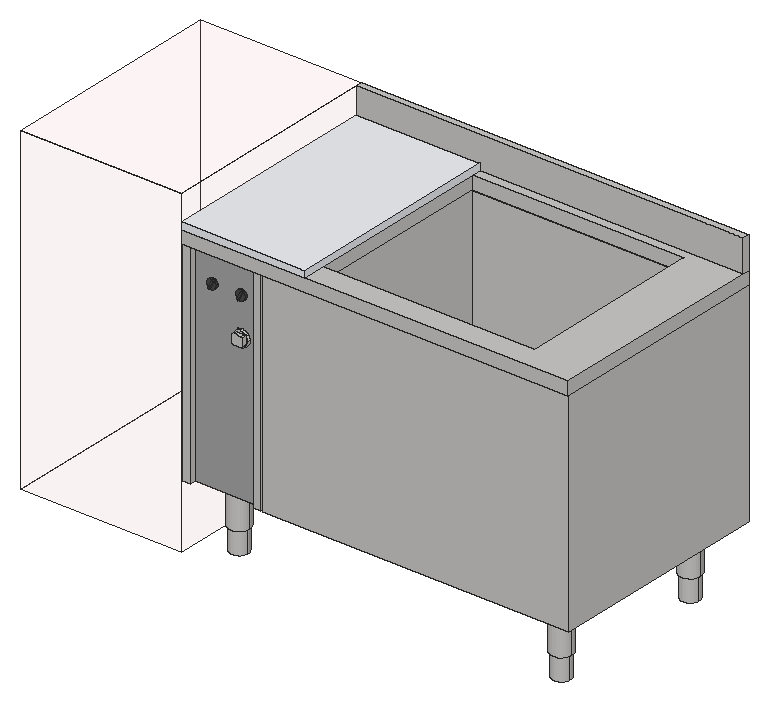
Revit family "QF_ELECTROLUXPROFESSIONAL_660031_LV200", category Attrezzature speciali, Revit 2020
Family settings
  Quota connettore circolare = Usa diametro
  Tipo di parte = Normale
  Basato su piano di lavoro = No
  Sempre verticale = Sì
  Taglio con vuoti quando caricato = No
  Condiviso = No
  Punto di calcolo locali = No
Parameters (values of type "Standard")
  Weight = 105.00 kg
  Watts = 1100 W
  Volts = 400 V
  URL Manufacturer = "https://www.electroluxprofessional.com/"
  URL = "https://www.electroluxprofessional.com/"
  Steam Supply Size = 0 mm
  Steam Supply Minimum Pressure = 0.0 Pa
  Steam Supply Maximum Pressure = 0.0 Pa
  Steam Consumption per Hour = 0
  Show Clearance [instance] = yes
  Refrigeration Suction Line Size = 0 mm
  Refrigeration Liquid Line Size = 0 mm
  Refrigerant Compressor Remote = yes
  Prospetto di default = 0 mm
  Produttore = "Electrolux Professional"
  Phase = 3
  Modello = "LV200"
  Length Actual = 1200 mm  # constant formula
  Item Number = "660031"
  Hot Water Size = 0 mm
  Height Actual = 850 mm  # constant formula
  HP = "1.5 HP"
  Gas Size = 0 mm
  Gas KW = 0
  Gas Input Pressure = 0 W
  Direct Waste Size = 50.8 mm
  Descrizione = "VEGETABLE WASHER WITH TANK-LOAD KG 8/30"
  Depth Actual = 700 mm  # constant formula
  Cycle = 50 Hz
  Condensate Return Size = 0 mm
  Compressed Air Volume = 0.0 L/s
  Compressed Air Size = 0 mm
  Compressed Air Pressure = 0.0 Pa
  Cold Water Size = 25.4 mm
  Accessory = yes
Reference planes
  plane 1 "Center (Front/Back)": y = 0
  plane 2: z = 0
  plane 3 "Center (Left/Right)": x = 0
  plane 4: x = 0
  plane 5: z = 200
  plane 6: y = -350
  plane 7: z = 1000
  plane 8 "FRONT": y = -700
  plane 9 "LEFT": x = -600
  plane 10 "RIGHT": x = 600
  plane 11: through (-490, -510, 4198) normal (-0.7071, -0.7071, 0)
  plane 12: through (-490, -490, 4198) normal (0.7071, -0.7071, 0)
  plane 13: x = -440
  plane 14: y = -390
  plane 15: x = -310
  plane 16: y = -100
Forms (mm)
  Extrusion 1, solid, material "QF_Finishes_Stainless Steel"
    sketch origin (0, 0, 0) x (1, 0, 0) y (0, 1, 0)
      loop
        line (-600, 0) -> (-600, -700) -> (600, -700) -> (600, 0) -> (-600, 0)
    from 860 to 900
  Extrusion 2, solid, material "QF_Finishes_Stainless Steel"
    sketch origin (400, 0, 0) x (1, 0, 0) y (0, 1, 0)
      loop
        line (-1000, 0) -> (-1000, -695) -> (-974.584, -695) -> (-974.584, -660) -> (-779, -660) -> (-779, -695) -> (-757.169, -695) -> (-757.169, -685) -> (-750.046, -685) -> (-750.046, -695) -> (200, -695) -> (200, 0) -> (-1000, 0)
    from 200 to 860
  Extrusion 3, solid, material "QF_Finishes_Gray"
    sketch origin (146.25, 220, 0) x (1, 0, 0) y (0, 1, 0)
      loop
        line (-718.75, -888.75) -> (-718.75, -898.75) -> (-525.25, -898.75) -> (-525.25, -888.75) -> (-718.75, -888.75)
    from 200 to 860
  Extrusion 4, void
    sketch origin (0, 0, 0) x (1, 0, 0) y (0, 1, 0)
      loop
        line (-217.526, -50) -> (-217.526, -630) -> (440, -630) -> (440, -50) -> (-217.526, -50)
    from 840 to 938.824
  Extrusion 5, void
    sketch origin (0, 0, -60) x (1, 0, 0) y (0, 1, 0)
      loop
        line (-217.526, -50) -> (-217.526, -630) -> (440, -630) -> (440, -50) -> (-217.526, -50)
    from 306.622 to 938.824
  Extrusion 6, solid, material "QF_Finishes_White"
    sketch origin (0, 0, 40) x (1, 0, 0) y (0, 1, 0)
      loop
        line (-600, -20) -> (-600, -700) -> (-217.526, -700) -> (-217.526, -20) -> (-600, -20)
    from 860 to 880
  Extrusion 7, solid, material "QF_Finishes_Stainless Steel"
    sketch origin (0, 0, 40) x (1, 0, 0) y (0, 1, 0)
      loop
        line (-600, 0) -> (-600, -20) -> (600, -20) -> (600, 0) -> (-600, 0)
    from 860 to 960
  Extrusion 8, solid, material "QF_Finishes_Clearance", visible <- "Show Clearance"
    sketch origin (0, 0, 0) x (1, 0, 0) y (0, 1, 0)
      loop
        line (-600, 0) -> (-1100, 0) -> (-1100, -700) -> (-600, -700) -> (-600, 0)
    from 0 to 1000
  Extrusion 9, solid, material "QF_Finishes_Stainless Steel"
    sketch origin (-117.596, -357.286, 198) x (1, 0, 0) y (0, 1, 0)
      loop
        line (-392.404, -132.714) -> (-392.404, -152.714) -> (-372.404, -152.714) -> (-372.404, -132.714) -> (-392.404, -132.714)
    from 0 to 2
  Extrusion 10, solid, material "QF_Finishes_Stainless Steel"
    sketch origin (-67.186, -249.308, 195) x (1, 0, 0) y (0, 1, 0)
      loop
        circle (-372.814, -140.692) r 8
    from 0 to 5
  Extrusion 11, solid, material "QF_Finishes_Stainless Steel"
    sketch origin (62.814, 40.692, 195) x (1, 0, 0) y (0, 1, 0)
      loop
        circle (-372.814, -140.692) r 8
    from 0 to 5
Cuts and joins
  Extrusion 4, Extrusion 5 cuts Extrusion 1
  Extrusion 5 cuts Extrusion 2
Dimensions and locks
  plane 7 to level = 1000 mm  (x2)
  plane 1 "Center (Front/Back)" to plane 8 "FRONT" = 700 mm
  level to plane 5 = 200 mm
  plane 9 "LEFT" to plane 10 "RIGHT" = 1200 mm
  plane 5 to level = 200 mm
  Extrusion 6 to plane 5 = 700 mm
  plane 1 "Center (Front/Back)" to nested 2 = 100 mm
  nested 2 to nested 3 = 500 mm
  nested 3 to plane 8 "FRONT" = 100 mm
  nested 3 to plane 9 "LEFT" = 100 mm
  nested 5 to nested 3 = 1000 mm
  plane 10 "RIGHT" to nested 5 = 100 mm
  Extrusion 7 to Extrusion 6 = 100 mm
  Extrusion 8 to Extrusion 8 = 500 mm
  aligned and locked: level to plane 2
Nested families
  nested 1: "MANOPOLA ARGENTO" at (-429, -678.75, 650) x (-1, 0, 0) z (0, -1, 0), type "MANOPOLA ARGENTO"
  nested 2: "Piedino H200 - DISHWASHING" at (-500, -100, 0), type "Piedino H200 - DISHWASHING"
    with H 200 mm
  nested 3: "Piedino H200 - DISHWASHING" at (-500, -600, 0), type "Piedino H200 - DISHWASHING"
    with H 200 mm
  nested 4: "Piedino H200 - DISHWASHING" at (500, -100, 0) x (-1, 0, 0) z (0, 0, 1), type "Piedino H200 - DISHWASHING"
    with H 200 mm
  nested 5: "Piedino H200 - DISHWASHING" at (500, -600, 0) x (-1, 0, 0) z (0, 0, 1), type "Piedino H200 - DISHWASHING"
    with H 200 mm
  nested 6: "MANOPOLA NERA" at (-429, -678.75, 770) x (-0.8829, 0, 0.4695) z (0, -1, 0), type "MANOPOLA NERA"
  nested 7: "MANOPOLA NERA" at (-519, -678.75, 770) x (-0.8829, 0, 0.4695) z (0, -1, 0), type "MANOPOLA NERA"
Connectors
  electrical at (-500, -500, 198)
    settings: on Extrusion 9, index 25, voltage 0 V, apparent load 0 VA, apparent load phase1 0 VA, apparent load phase2 0 VA, apparent load phase3 0 VA, power factor 1, load classification "Altro", number of poles 1, system type 30, power factor state 1, is connector primary yes, connector utility no, sub classification motor no, connector description "EI"
  piping at (-440, -390, 195), diameter 12.7
    settings: on Extrusion 10, index 29, connector inside diameter 609.6 mm, connector length 0 mm, flow factor 0, pipe flow 0.0 L/s, pressure drop 0.0 Pa, fitting loss kfactor 0, connector angle 0.00°, fixture units 0, engagement length 0 mm, angle of deflection 0.00°, flow configuration 0, flow direction 0, fitting loss method 0, system type 29, joint type 0, gender type 0, connector reference index -1, connector utility 0, adjustable connector no, is connector primary yes, connector description "D"
  piping at (-310, -100, 195), diameter 12.7
    settings: on Extrusion 11, index 33, connector inside diameter 609.6 mm, connector length 0 mm, flow factor 0, pipe flow 0.0 L/s, pressure drop 0.0 Pa, fitting loss kfactor 0, connector angle 0.00°, fixture units 0, engagement length 0 mm, angle of deflection 0.00°, flow configuration 0, flow direction 0, fitting loss method 0, system type 29, joint type 0, gender type 0, connector reference index -1, connector utility 0, adjustable connector no, is connector primary no, connector description "CWI"
Definition of nested family "MANOPOLA ARGENTO"
  Parameters (values of type "MANOPOLA ARGENTO")
    Default Elevation = 1219.2 mm
  Reference planes
    plane 1 "Centro (Fronte/Retro)": y = 0
    plane 2: z = 0
    plane 3 "Centro (Sinistra/Destra)": x = 0
  Forms (mm)
    Extrusion 1, solid
      sketch origin (0, 0, 0) x (1, 0, 0) y (0, 1, 0)
        loop
          line (-1219.2, 1219.2) -> (-1219.2, -1219.2) -> (1219.2, -1219.2) -> (1219.2, 1219.2) -> (-1219.2, 1219.2)
      from 0 to -304.8
    SweptBlend 2, solid
      path origin (0, 0, 0) x (0, 1, 0) y (0, 0, 1)
        loop
          line (0, 0) -> (0, 6.013)
      profile origin (0, 0, 0) x (0, -1, 0) y (1, 0, 0)
        loop
          circle (0, 0) r 25
      end profile origin (0, 0, 6.013) x (0, -1, 0) y (1, 0, 0)
        loop
          circle (0, 0) r 23
    Extrusion 3, solid
      sketch origin (0, 0, 0) x (1, 0, 0) y (0, 1, 0)
        loop
          line (-13.08, 15.833) -> (-15.833, 13.08) -> (-15.833, -12.341) -> (-12.341, -15.833) -> (12.341, -15.833) -> (15.833, -12.341) -> (15.833, 12.341) -> (12.341, 15.833) -> (-13.08, 15.833)
      from 6.013 to 18
  Dimensions and locks
    aligned and locked: plane 2 to Extrusion 1
    aligned and locked: level to Extrusion 1
Definition of nested family "Piedino H200 - DISHWASHING"
  Parameters (values of type "Piedino H200 - DISHWASHING")
    Default Elevation = 0 mm
    H [instance] = 200 mm
  Reference planes
    plane 1 "Centro (Fronte/Retro)": y = 0
    plane 2: z = 0
    plane 3 "Centro (Sinistra/Destra)": x = 0
    plane 4: z = 70.047
  Forms (mm)
    Revolve 1, solid
      sketch origin (55, 0, 0) x (-1, 0, 0) y (0, 0, -1)
        loop
          line (55, 0) -> (27.6, 0) -> (27.6, -70.047) -> (22.6, -70.047) -> (22.6, -200) -> (55, -200) -> (55, 0)
        axis (55, 0) -> (55, -200)
      angle from 0 to 360
  Dimensions and locks
    "H": Revolve 1 to plane 2
    aligned and locked: level to plane 2
  Automatic sketch dimensions
    Revolve 1 sketch curve to plane 4 = 0 mm
    Revolve 1 sketch curve to level = 0 mm
    Revolve 1 sketch curve to plane 3 "Centro (Sinistra/Destra)" = 0 mm  (x2)
    plane 3 "Centro (Sinistra/Destra)" to Revolve 1 sketch curve = 27.4 mm
    Revolve 1 sketch curve to Revolve 1 sketch curve = 5 mm
    Revolve 1 sketch curve to plane 4 = 129.953 mm
    Revolve 1 sketch curve to Revolve 1 sketch curve = 0 mm
    Revolve 1 sketch curve to Revolve 1 sketch curve = 20 mm
Definition of nested family "MANOPOLA NERA"
  Parameters (values of type "MANOPOLA NERA")
    Default Elevation = 1219.2 mm
  Reference planes
    plane 1 "Centro (Fronte/Retro)": y = 0
    plane 2: z = 0
    plane 3 "Centro (Sinistra/Destra)": x = 0
  Forms (mm)
    Extrusion 1, solid
      sketch origin (0, 0, 0) x (1, 0, 0) y (0, 1, 0)
        loop
          line (-1219.2, 1219.2) -> (-1219.2, -1219.2) -> (1219.2, -1219.2) -> (1219.2, 1219.2) -> (-1219.2, 1219.2)
      from 0 to -304.8
    Extrusion 2, solid
      sketch origin (0, 0, 0) x (1, 0, 0) y (0, 1, 0)
        loop
          circle (0, 0) r 15
      from 0 to 5.035
    Extrusion 3, solid
      sketch origin (0, 0, 0) x (1, 0, 0) y (0, 1, 0)
        loop
          arc (-2.5, -14.79) -> (0, -15) -> (2.5, -14.79) r 15
          line (2.5, -14.79) -> (2.5, 14.79)
          arc (2.5, 14.79) -> (0, 15) -> (-2.5, 14.79) r 15
          line (-2.5, 14.79) -> (-2.5, -14.79)
      from 5.035 to 9.025
  Dimensions and locks
    aligned and locked: plane 2 to Extrusion 1
    aligned and locked: level to Extrusion 1
